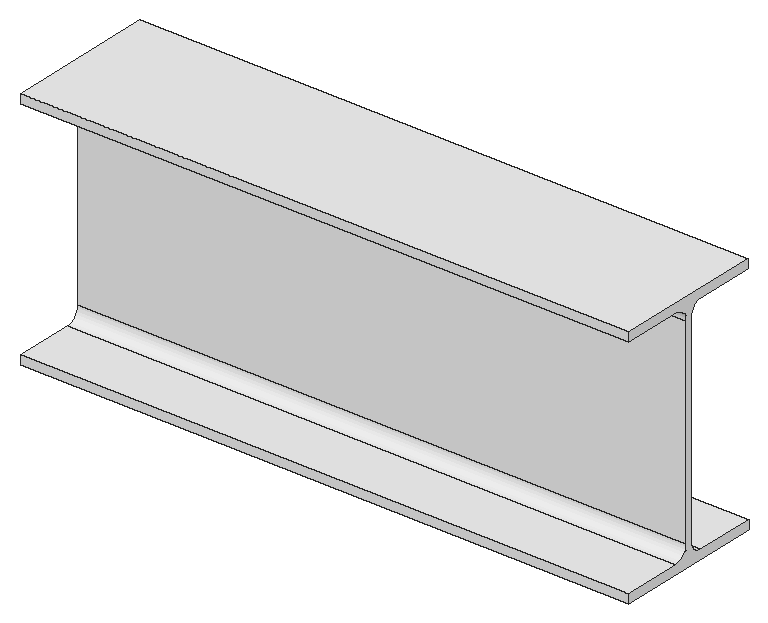
Revit family
Parameters (values of type "H488X128")
  시작 확장 계산 [instance] = 3012.5 mm + 시작 확장  # 3000 mm
  시작 확장 [instance] = -12.5 mm
  끝 확장 계산 [instance] = 3012.5 mm + 끝 확장  # 3000 mm
  끝 확장 [instance] = -12.5 mm
  보 재료 [instance] = 금속 - 스틸 - 345 MPa
  Assembly Code = ""
  A = 0.016 m²
  Length [instance] = 1500 mm
  W = 1.2553
  bf = 300 mm
  d = 488 mm
  k = 44 mm
  kr = k - tf  # 26 mm
  tf = 18 mm
  tw = 11 mm
Reference planes
  plane 1 "중심(앞/뒤)": y = 0
  plane 2: z = 0
  plane 3 "중심(왼쪽/오른쪽)": x = 4.61
  plane 4 "왼쪽 부재": x = -604.99
  plane 5 "오른쪽 부재": x = 614.21
  plane 6: y = 150
  plane 7: y = -150
  plane 8 "상단": z = 244
  plane 9: z = -244
  plane 10 "오른쪽": x = 766.61
  plane 11 "왼쪽": x = -733.39
  plane 12: x = -604.99
  plane 13: x = 614.21
  plane 14: x = 2395.01
  plane 15: x = -2385.79
Forms (mm)
  Sweep 1, solid, material "금속 - 스틸 - 345 MPa" <- "보 재료", detail levels fine
    path origin (0, 0, 0) x (1, 0, 0) y (0, 1, 0)
      loop
        line (614.21, 0) -> (-604.99, 0)
    profile "M_HP-내력 파일-프로파일-섬세 : M_HP-내력 파일-프로파일-섬세" origin (4.61, 0, 0) x (0, -1, 0) y (0, 0, 1)
      loop
        line (-150, -244) -> (150, -244) -> (150, -226) -> (31.5, -226)
        arc (31.5, -226) -> (13.115, -218.385) -> (5.5, -200) r 26
        line (5.5, -200) -> (5.5, 200)
        arc (5.5, 200) -> (13.115, 218.385) -> (31.5, 226) r 26
        line (31.5, 226) -> (150, 226) -> (150, 244) -> (-150, 244) -> (-150, 226) -> (-31.5, 226)
        arc (-31.5, 226) -> (-13.115, 218.385) -> (-5.5, 200) r 26
        line (-5.5, 200) -> (-5.5, -200)
        arc (-5.5, -200) -> (-13.115, -218.385) -> (-31.5, -226) r 26
        line (-31.5, -226) -> (-150, -226) -> (-150, -244)
  Sweep 2, solid, material "금속 - 스틸 - 345 MPa" <- "보 재료", detail levels medium
    path origin (0, 0, 0) x (1, 0, 0) y (0, 1, 0)
      loop
        line (614.21, 0) -> (-604.99, 0)
    profile "M_HP-내력 파일-프로파일-중간 : M_HP-내력 파일-프로파일-중간" origin (4.61, 0, 0) x (0, -1, 0) y (0, 0, 1)
      loop
        line (-150, -244) -> (150, -244) -> (150, -226) -> (5.5, -226) -> (5.5, 226) -> (150, 226) -> (150, 244) -> (-150, 244) -> (-150, 226) -> (-5.5, 226) -> (-5.5, -226) -> (-150, -226) -> (-150, -244)
Lines and regions (mm)
  symbolic lines, style "숨겨진 면", detail levels medium+fine
    curve 1: line (614.21, -6.5, 0) -> (-604.99, -6.5, 0)
    curve 2: line (614.21, 6.5, 0) -> (-604.99, 6.5, 0)
  symbolic lines, style "기호 부착", detail levels coarse
    curve 3: line (4.61, 150, 244) -> (4.61, -150, 244)
    curve 4: line (4.61, -150, -244) -> (4.61, 150, -244)
    curve 5: line (4.61, 0, -244) -> (4.61, 0, 244)
Dimensions and locks
  "bf": plane 6 to plane 7
  "d": plane 9 to plane 8 "상단"
  equal spacing: plane 9, plane 2, plane 8 "상단"
  equal spacing: plane 6, plane 1 "중심(앞/뒤)", plane 7
  "Length": plane 11 "왼쪽" to plane 10 "오른쪽"
  locked: plane 4 "왼쪽 부재" to plane 14 at 3000
  locked: plane 15 to plane 5 "오른쪽 부재" at 3000
  "시작 확장 계산": plane 12 to plane 14
  "끝 확장 계산": plane 15 to plane 13
  aligned and locked: Sweep 1 sketch curve to plane 1 "중심(앞/뒤)"
  aligned and locked: Sweep 2 sketch curve to plane 1 "중심(앞/뒤)"
  aligned and locked: Sweep 2 to curve 3  (x2)
  aligned and locked: Sweep 2 to curve 4  (x2)
  aligned and locked: curve 3 to Sweep 2
  aligned and locked: curve 4 to Sweep 2
  aligned and locked: plane 12 to Sweep 2 sketch curve
  aligned and locked: plane 13 to Sweep 2 sketch curve
  aligned and locked: plane 12 to Sweep 1 sketch curve
  aligned and locked: plane 13 to Sweep 1 sketch curve
  aligned and locked: plane 12 to curve 1
  aligned and locked: plane 12 to curve 2
  aligned and locked: plane 13 to curve 1
  aligned and locked: plane 13 to curve 2
Automatic sketch dimensions
  plane 1 "중심(앞/뒤)" to curve 1 = 6.5 mm
  curve 2 to plane 1 "중심(앞/뒤)" = 6.5 mm
  curve 5 to plane 1 "중심(앞/뒤)" = 0 mm
